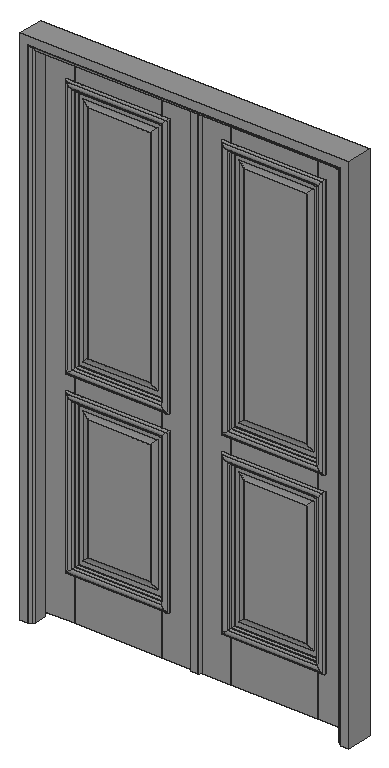
Revit family "I2PAN 610 HB", category Doors, host Wall, Revit 2013
Parameters (values of type "I2PAN 610 HB")
  Function = Interior
  Frame Projection Ext. = 25 mm
  Frame Projection Int. = 25 mm
  Frame Width = 75 mm
  Height = 2090 mm
  Wall Closure = By host
  Width = 1306 mm
Reference planes
  plane 1: y = 0
  plane 2 "Center (Left/Right)": x = 0
  plane 3 "Left": x = -653
  plane 4 "Right": x = 653
  plane 5: z = 2090
  plane 6 "Exterior": y = 75
  plane 7 "Interior": y = -75
Forms (mm)
  Sweep 1, solid, material "Lauan, Meranti"
    path origin (0, 75, 0) x (1, 0, 0) y (0, 0, 1)
      loop
        line (653, 0) -> (653, 2090) -> (-653, 2090) -> (-653, 0)
    profile "Van Acht 105x50 Door Frame Routed Profile (Heavy) : Van Acht 105x50 Door Frame Routed Profile (Heavy)" origin (653, 75, 1045) x (-1, 0, 0) y (0, -1, 0)
      loop
        line (0, 22.5) -> (38, 22.5) -> (38, 67.5) -> (50, 67.5) -> (50, 112.5)
        arc (50, 112.5) -> (44.957, 114.29) -> (42.17, 118.859) r 8
        line (42.17, 118.859) -> (39, 118.859)
        arc (39, 118.859) -> (35.311, 122.973) -> (30, 124.5) r 10
        line (30, 124.5) -> (30, 127.5) -> (0, 127.5) -> (0, 22.5)
  Extrusion 2, solid, material "Lauan, Meranti"
    sketch origin (0, 0, 0) x (1, 0, 0) y (0, 1, 0)
      loop
        line (-12, -2.5) -> (12, -2.5) -> (12, -0.5)
        arc (12, -0.5) -> (17.657, 1.843) -> (20, 7.5) r 8
        line (20, 7.5) -> (5, 7.5) -> (5, 39.5)
        spline (5, 39.5) -> (4.83, 42.088) -> (4.33, 44.5) -> (3.536, 46.571) -> (2.5, 48.16) -> (1.294, 49.159) -> (0, 49.5) -> (-1.294, 49.159) -> (-2.5, 48.16) -> (-3.536, 46.571) -> (-4.33, 44.5) -> (-4.83, 42.088) -> (-5, 39.5)
        line (-5, 39.5) -> (-5, 7.5) -> (-20, 7.5)
        arc (-20, 7.5) -> (-17.657, 1.843) -> (-12, -0.5) r 8
        line (-12, -0.5) -> (-12, -2.5)
    from 20 to 2040
  Extrusion 3, solid, material "Lauan, Meranti"
    sketch origin (0, 0, 1802) x (1, 0, 0) y (0, 1, 0)
      loop
        spline (5, 39.5) -> (4.83, 42.088) -> (4.33, 44.5) -> (3.536, 46.571) -> (2.5, 48.16) -> (1.294, 49.159) -> (0, 49.5) -> (-1.294, 49.159) -> (-2.5, 48.16) -> (-3.536, 46.571) -> (-4.33, 44.5) -> (-4.83, 42.088) -> (-5, 39.5)
        line (-5, 39.5) -> (-5, 7.5) -> (5, 7.5) -> (5, 39.5)
    from 238 to 250
  Extrusion 4, solid, material "Lauan, Meranti"
    sketch origin (-208.5, -85, 0) x (0, 1, 0) y (0, 0, 1)
      loop
        line (132.5, 20) -> (132.5, 221) -> (130.5, 221)
        arc (130.5, 221) -> (128.866, 225.67) -> (124.5, 228) r 6.807
        line (124.5, 228) -> (124.5, 230) -> (122.5, 230) -> (122.5, 215) -> (102.5, 215) -> (102.5, 230) -> (100.5, 230) -> (100.5, 228)
        arc (100.5, 228) -> (96.134, 225.67) -> (94.5, 221) r 6.807
        line (94.5, 221) -> (92.5, 221) -> (92.5, 20) -> (132.5, 20)
      loop
        line (132.5, 809) -> (132.5, 931) -> (130.5, 931)
        arc (130.5, 931) -> (128.866, 935.67) -> (124.5, 938) r 6.807
        line (124.5, 938) -> (124.5, 940) -> (122.5, 940) -> (122.5, 925) -> (102.5, 925) -> (102.5, 940) -> (100.5, 940) -> (100.5, 938)
        arc (100.5, 938) -> (96.134, 935.67) -> (94.5, 931) r 6.807
        line (94.5, 931) -> (92.5, 931) -> (92.5, 809) -> (94.5, 809)
        arc (94.5, 809) -> (96.134, 804.33) -> (100.5, 802) r 6.807
        line (100.5, 802) -> (100.5, 800) -> (102.5, 800) -> (102.5, 815) -> (122.5, 815) -> (122.5, 800) -> (124.5, 800) -> (124.5, 802)
        arc (124.5, 802) -> (128.866, 804.33) -> (130.5, 809) r 6.807
        line (130.5, 809) -> (132.5, 809)
      loop
        line (130.5, 1921) -> (132.5, 1921) -> (132.5, 2052) -> (92.5, 2052) -> (92.5, 1921) -> (94.5, 1921)
        arc (94.5, 1921) -> (96.134, 1916.33) -> (100.5, 1914) r 6.807
        line (100.5, 1914) -> (100.5, 1912) -> (102.5, 1912) -> (102.5, 1927) -> (122.5, 1927) -> (122.5, 1912) -> (124.5, 1912) -> (124.5, 1914)
        arc (124.5, 1914) -> (128.866, 1916.33) -> (130.5, 1921) r 6.807
    from -275.5 to 72.5
  Extrusion 5, solid, material "Lauan, Meranti"
    sketch origin (-208.5, 0, 0) x (1, 0, 0) y (0, 1, 0)
      loop
        line (-406.5, 47.5) -> (-406.5, 7.5) -> (-275.5, 7.5) -> (-275.5, 9.5)
        arc (-275.5, 9.5) -> (-270.765, 11.06) -> (-268.5, 15.5) r 6.549
        line (-268.5, 15.5) -> (-266.5, 15.5) -> (-266.5, 17.5) -> (-281.5, 17.5) -> (-281.5, 37.5) -> (-266.5, 37.5) -> (-266.5, 39.5) -> (-268.5, 39.5)
        arc (-268.5, 39.5) -> (-270.765, 43.94) -> (-275.5, 45.5) r 6.549
        line (-275.5, 45.5) -> (-275.5, 47.5) -> (-406.5, 47.5)
      loop
        line (203.5, 47.5) -> (72.5, 47.5) -> (72.5, 45.5)
        arc (72.5, 45.5) -> (67.765, 43.94) -> (65.5, 39.5) r 6.549
        line (65.5, 39.5) -> (63.5, 39.5) -> (63.5, 37.5) -> (78.5, 37.5) -> (78.5, 17.5) -> (63.5, 17.5) -> (63.5, 15.5) -> (65.5, 15.5)
        arc (65.5, 15.5) -> (67.765, 11.06) -> (72.5, 9.5) r 6.549
        line (72.5, 9.5) -> (72.5, 7.5) -> (203.5, 7.5) -> (203.5, 47.5)
    from 20 to 2052
  Sweep 6, solid, material "Lauan, Meranti"
    path origin (-208.5, 75, 0) x (1, 0, 0) y (0, 0, 1)
      loop
        line (72.5, 1921) -> (-275.5, 1921) -> (-275.5, 931) -> (72.5, 931) -> (72.5, 1921)
    profile origin (-310, 75, 1921) x (0, 0, -1) y (0, -1, 0)
      loop
        line (-4.5, 57.5) -> (-4.5, 37.5) -> (25.727, 37.5)
        arc (25.727, 37.5) -> (37.468, 35.847) -> (48.5, 31.5) r 50.456
        line (48.5, 31.5) -> (48.5, 63.5)
        arc (48.5, 63.5) -> (37.468, 59.153) -> (25.727, 57.5) r 50.456
        line (25.727, 57.5) -> (-4.5, 57.5)
  Sweep 7, solid, material "Lauan, Meranti"
    path origin (-208.5, 75, 0) x (1, 0, 0) y (0, 0, 1)
      loop
        line (72.5, 809) -> (-275.5, 809) -> (-275.5, 221) -> (72.5, 221) -> (72.5, 809)
    profile origin (-310, 75, 809) x (0, 0, -1) y (0, -1, 0)
      loop
        line (-4.5, 57.5) -> (-4.5, 37.5) -> (25.727, 37.5)
        arc (25.727, 37.5) -> (37.468, 35.847) -> (48.5, 31.5) r 50.456
        line (48.5, 31.5) -> (48.5, 63.5)
        arc (48.5, 63.5) -> (37.468, 59.153) -> (25.727, 57.5) r 50.456
        line (25.727, 57.5) -> (-4.5, 57.5)
  Extrusion 8, solid, material "Lauan, Meranti"
    sketch origin (-208.5, 75, 0) x (1, 0, 0) y (0, 0, 1)
      loop
        line (24, 760.5) -> (-227, 760.5) -> (-227, 269.5) -> (24, 269.5) -> (24, 760.5)
    from 31.5 to 63.5
  Extrusion 9, solid, material "Lauan, Meranti"
    sketch origin (-208.5, 75, 715) x (1, 0, 0) y (0, 0, 1)
      loop
        line (24, 1157.5) -> (-227, 1157.5) -> (-227, 264.5) -> (24, 264.5) -> (24, 1157.5)
    from 31.5 to 63.5
  Extrusion 10, solid, material "Lauan, Meranti"
    sketch origin (411.5, -85, 0) x (0, 1, 0) y (0, 0, 1)
      loop
        line (132.5, 20) -> (132.5, 221) -> (130.5, 221)
        arc (130.5, 221) -> (128.866, 225.67) -> (124.5, 228) r 6.807
        line (124.5, 228) -> (124.5, 230) -> (122.5, 230) -> (122.5, 215) -> (102.5, 215) -> (102.5, 230) -> (100.5, 230) -> (100.5, 228)
        arc (100.5, 228) -> (96.134, 225.67) -> (94.5, 221) r 6.807
        line (94.5, 221) -> (92.5, 221) -> (92.5, 20) -> (132.5, 20)
      loop
        line (132.5, 809) -> (132.5, 931) -> (130.5, 931)
        arc (130.5, 931) -> (128.866, 935.67) -> (124.5, 938) r 6.807
        line (124.5, 938) -> (124.5, 940) -> (122.5, 940) -> (122.5, 925) -> (102.5, 925) -> (102.5, 940) -> (100.5, 940) -> (100.5, 938)
        arc (100.5, 938) -> (96.134, 935.67) -> (94.5, 931) r 6.807
        line (94.5, 931) -> (92.5, 931) -> (92.5, 809) -> (94.5, 809)
        arc (94.5, 809) -> (96.134, 804.33) -> (100.5, 802) r 6.807
        line (100.5, 802) -> (100.5, 800) -> (102.5, 800) -> (102.5, 815) -> (122.5, 815) -> (122.5, 800) -> (124.5, 800) -> (124.5, 802)
        arc (124.5, 802) -> (128.866, 804.33) -> (130.5, 809) r 6.807
        line (130.5, 809) -> (132.5, 809)
      loop
        line (130.5, 1921) -> (132.5, 1921) -> (132.5, 2052) -> (92.5, 2052) -> (92.5, 1921) -> (94.5, 1921)
        arc (94.5, 1921) -> (96.134, 1916.33) -> (100.5, 1914) r 6.807
        line (100.5, 1914) -> (100.5, 1912) -> (102.5, 1912) -> (102.5, 1927) -> (122.5, 1927) -> (122.5, 1912) -> (124.5, 1912) -> (124.5, 1914)
        arc (124.5, 1914) -> (128.866, 1916.33) -> (130.5, 1921) r 6.807
    from -275.5 to 72.5
  Extrusion 11, solid, material "Lauan, Meranti"
    sketch origin (411.5, 0, 0) x (1, 0, 0) y (0, 1, 0)
      loop
        line (-406.5, 47.5) -> (-406.5, 7.5) -> (-275.5, 7.5) -> (-275.5, 9.5)
        arc (-275.5, 9.5) -> (-270.765, 11.06) -> (-268.5, 15.5) r 6.549
        line (-268.5, 15.5) -> (-266.5, 15.5) -> (-266.5, 17.5) -> (-281.5, 17.5) -> (-281.5, 37.5) -> (-266.5, 37.5) -> (-266.5, 39.5) -> (-268.5, 39.5)
        arc (-268.5, 39.5) -> (-270.765, 43.94) -> (-275.5, 45.5) r 6.549
        line (-275.5, 45.5) -> (-275.5, 47.5) -> (-406.5, 47.5)
      loop
        line (203.5, 47.5) -> (72.5, 47.5) -> (72.5, 45.5)
        arc (72.5, 45.5) -> (67.765, 43.94) -> (65.5, 39.5) r 6.549
        line (65.5, 39.5) -> (63.5, 39.5) -> (63.5, 37.5) -> (78.5, 37.5) -> (78.5, 17.5) -> (63.5, 17.5) -> (63.5, 15.5) -> (65.5, 15.5)
        arc (65.5, 15.5) -> (67.765, 11.06) -> (72.5, 9.5) r 6.549
        line (72.5, 9.5) -> (72.5, 7.5) -> (203.5, 7.5) -> (203.5, 47.5)
    from 20 to 2052
  Sweep 12, solid, material "Lauan, Meranti"
    path origin (411.5, 75, 0) x (1, 0, 0) y (0, 0, 1)
      loop
        line (72.5, 1921) -> (-275.5, 1921) -> (-275.5, 931) -> (72.5, 931) -> (72.5, 1921)
    profile origin (310, 75, 1921) x (0, 0, -1) y (0, -1, 0)
      loop
        line (-4.5, 57.5) -> (-4.5, 37.5) -> (25.727, 37.5)
        arc (25.727, 37.5) -> (37.468, 35.847) -> (48.5, 31.5) r 50.456
        line (48.5, 31.5) -> (48.5, 63.5)
        arc (48.5, 63.5) -> (37.468, 59.153) -> (25.727, 57.5) r 50.456
        line (25.727, 57.5) -> (-4.5, 57.5)
  Sweep 13, solid, material "Lauan, Meranti"
    path origin (411.5, 75, 0) x (1, 0, 0) y (0, 0, 1)
      loop
        line (72.5, 809) -> (-275.5, 809) -> (-275.5, 221) -> (72.5, 221) -> (72.5, 809)
    profile origin (310, 75, 809) x (0, 0, -1) y (0, -1, 0)
      loop
        line (-4.5, 57.5) -> (-4.5, 37.5) -> (25.727, 37.5)
        arc (25.727, 37.5) -> (37.468, 35.847) -> (48.5, 31.5) r 50.456
        line (48.5, 31.5) -> (48.5, 63.5)
        arc (48.5, 63.5) -> (37.468, 59.153) -> (25.727, 57.5) r 50.456
        line (25.727, 57.5) -> (-4.5, 57.5)
  Extrusion 14, solid, material "Lauan, Meranti"
    sketch origin (411.5, 75, 0) x (1, 0, 0) y (0, 0, 1)
      loop
        line (24, 760.5) -> (-227, 760.5) -> (-227, 269.5) -> (24, 269.5) -> (24, 760.5)
    from 31.5 to 63.5
  Extrusion 15, solid, material "Lauan, Meranti"
    sketch origin (411.5, 75, 715) x (1, 0, 0) y (0, 0, 1)
      loop
        line (24, 1157.5) -> (-227, 1157.5) -> (-227, 264.5) -> (24, 264.5) -> (24, 1157.5)
    from 31.5 to 63.5
  Sweep 16, solid, material "Lauan, Meranti"
    path origin (228.614, 75, -16.587) x (1, 0, 0) y (0, 0, 1)
      loop
        line (255.386, 1937.587) -> (-92.614, 1937.587) -> (-92.614, 947.587) -> (255.386, 947.587) -> (255.386, 1937.587)
    profile origin (310, 75, 1921) x (0, 0, -1) y (0, -1, 0)
      loop
        arc (-31, 24) -> (-29.096, 19.404) -> (-24.5, 17.5) r 6.5
        arc (-24.5, 17.5) -> (-15.5, 13.5) -> (-6.5, 17.5) r 12.125
        arc (-6.5, 17.5) -> (-1.904, 19.404) -> (0, 24) r 6.5
        line (0, 24) -> (0, 27.5) -> (-31, 27.5) -> (-31, 24)
  Sweep 17, solid, material "Lauan, Meranti"
    path origin (228.614, 75, -1308.499) x (1, 0, 0) y (0, 0, 1)
      loop
        line (255.386, 2117.499) -> (-92.614, 2117.499) -> (-92.614, 1529.499) -> (255.386, 1529.499) -> (255.386, 2117.499)
    profile origin (310, 75, 809) x (0, 0, -1) y (0, -1, 0)
      loop
        arc (-31, 24) -> (-29.096, 19.404) -> (-24.5, 17.5) r 6.5
        arc (-24.5, 17.5) -> (-15.5, 13.5) -> (-6.5, 17.5) r 12.125
        arc (-6.5, 17.5) -> (-1.904, 19.404) -> (0, 24) r 6.5
        line (0, 24) -> (0, 27.5) -> (-31, 27.5) -> (-31, 24)
  Sweep 18, solid, material "Lauan, Meranti"
    path origin (-391.386, 75, -16.587) x (1, 0, 0) y (0, 0, 1)
      loop
        line (255.386, 1937.587) -> (-92.614, 1937.587) -> (-92.614, 947.587) -> (255.386, 947.587) -> (255.386, 1937.587)
    profile origin (-310, 75, 1921) x (0, 0, -1) y (0, -1, 0)
      loop
        arc (-31, 24) -> (-29.096, 19.404) -> (-24.5, 17.5) r 6.5
        arc (-24.5, 17.5) -> (-15.5, 13.5) -> (-6.5, 17.5) r 12.125
        arc (-6.5, 17.5) -> (-1.904, 19.404) -> (0, 24) r 6.5
        line (0, 24) -> (0, 27.5) -> (-31, 27.5) -> (-31, 24)
  Sweep 19, solid, material "Lauan, Meranti"
    path origin (-391.386, 75, -1308.499) x (1, 0, 0) y (0, 0, 1)
      loop
        line (255.386, 2117.499) -> (-92.614, 2117.499) -> (-92.614, 1529.499) -> (255.386, 1529.499) -> (255.386, 2117.499)
    profile origin (-310, 75, 809) x (0, 0, -1) y (0, -1, 0)
      loop
        arc (-31, 24) -> (-29.096, 19.404) -> (-24.5, 17.5) r 6.5
        arc (-24.5, 17.5) -> (-15.5, 13.5) -> (-6.5, 17.5) r 12.125
        arc (-6.5, 17.5) -> (-1.904, 19.404) -> (0, 24) r 6.5
        line (0, 24) -> (0, 27.5) -> (-31, 27.5) -> (-31, 24)
  Sweep 20, solid, material "Lauan, Meranti"
    path origin (228.614, -18, -16.587) x (1, 0, 0) y (0, 0, -1)
      loop
        line (255.386, -1937.587) -> (255.386, -947.587) -> (-92.614, -947.587) -> (-92.614, -1937.587) -> (255.386, -1937.587)
    profile origin (310, -18, 1921) x (0, 0, 1) y (0, 1, 0)
      loop
        line (31, 24) -> (31, 27.5) -> (0, 27.5) -> (0, 24)
        arc (0, 24) -> (1.904, 19.404) -> (6.5, 17.5) r 6.5
        arc (6.5, 17.5) -> (15.5, 13.5) -> (24.5, 17.5) r 12.125
        arc (24.5, 17.5) -> (29.096, 19.404) -> (31, 24) r 6.5
  Sweep 21, solid, material "Lauan, Meranti"
    path origin (228.614, -18, -1308.499) x (1, 0, 0) y (0, 0, -1)
      loop
        line (255.386, -2117.499) -> (255.386, -1529.499) -> (-92.614, -1529.499) -> (-92.614, -2117.499) -> (255.386, -2117.499)
    profile origin (310, -18, 809) x (0, 0, 1) y (0, 1, 0)
      loop
        line (31, 24) -> (31, 27.5) -> (0, 27.5) -> (0, 24)
        arc (0, 24) -> (1.904, 19.404) -> (6.5, 17.5) r 6.5
        arc (6.5, 17.5) -> (15.5, 13.5) -> (24.5, 17.5) r 12.125
        arc (24.5, 17.5) -> (29.096, 19.404) -> (31, 24) r 6.5
  Sweep 22, solid, material "Lauan, Meranti"
    path origin (-391.386, -18, -16.587) x (1, 0, 0) y (0, 0, -1)
      loop
        line (255.386, -1937.587) -> (255.386, -947.587) -> (-92.614, -947.587) -> (-92.614, -1937.587) -> (255.386, -1937.587)
    profile origin (-310, -18, 1921) x (0, 0, 1) y (0, 1, 0)
      loop
        line (31, 24) -> (31, 27.5) -> (0, 27.5) -> (0, 24)
        arc (0, 24) -> (1.904, 19.404) -> (6.5, 17.5) r 6.5
        arc (6.5, 17.5) -> (15.5, 13.5) -> (24.5, 17.5) r 12.125
        arc (24.5, 17.5) -> (29.096, 19.404) -> (31, 24) r 6.5
  Sweep 23, solid, material "Lauan, Meranti"
    path origin (-391.386, -18, -1308.499) x (1, 0, 0) y (0, 0, -1)
      loop
        line (255.386, -2117.499) -> (255.386, -1529.499) -> (-92.614, -1529.499) -> (-92.614, -2117.499) -> (255.386, -2117.499)
    profile origin (-310, -18, 809) x (0, 0, 1) y (0, 1, 0)
      loop
        line (31, 24) -> (31, 27.5) -> (0, 27.5) -> (0, 24)
        arc (0, 24) -> (1.904, 19.404) -> (6.5, 17.5) r 6.5
        arc (6.5, 17.5) -> (15.5, 13.5) -> (24.5, 17.5) r 12.125
        arc (24.5, 17.5) -> (29.096, 19.404) -> (31, 24) r 6.5
Cuts and joins
  joined: Extrusion 2, Extrusion 3
Lines and regions (mm)
  Opening 1
    outline origin (-3050, -75, 0) x (1, 0, 0) y (0, 0, 1)
      loop
        line (2397, 0) -> (3703, 0) -> (3703, 2090) -> (2397, 2090) -> (2397, 0)
  symbolic lines, style "Elevation Swing"
    curve 1: line (0, -75, 1045) -> (-653, -75, 2090)
    curve 2: line (0, -75, 1045) -> (-653, -75, 0)
    curve 3: line (0, -75, 1045) -> (653, -75, 2090)
    curve 4: line (0, -75, 1045) -> (653, -75, 0)
  model lines
    curve 5: line (615, 52.5, 0) -> (615, 662.5, 0)
    curve 6: line (-615, 47.5, 0) -> (-615, 657.5, 0)
    curve 7: arc (-615, 657.5, 0) -> (-183.665, 478.835, 0) -> (-5, 47.5, 0) r 610
    curve 8: arc (615, 657.5, 0) -> (183.665, 478.835, 0) -> (5, 47.5, 0) r 610
Text (mm)
  text "Exterior" at (-2295.016, 1099.543, 0), in view "Ref. Level"
  text "Exterior" at (0, 1615.38, 3698.081), in view "Left"
  text "Exterior" at (0, 1036.032, 3874.932), in view "Right"
Dimensions and locks
  equal spacing: plane 3 "Left", plane 2 "Center (Left/Right)", plane 4 "Right"
  "Width": plane 3 "Left" to plane 4 "Right"
  "Height": plane 5 to host wall
  equal spacing: host wall, curve 2, plane 5
  host wall to plane 5 = 2090 mm
  locked: plane 6 "Exterior" to host wall at 0
  locked: plane 7 "Interior" to host wall
  plane 3 "Left" to plane 4 "Right" = 1306 mm  (x2)
  aligned and locked: plane 3 "Left" to Opening 1 sketch curve
  aligned and locked: plane 5 to Opening 1 sketch curve  (x2)
  aligned and locked: Opening 1 sketch curve to plane 4 "Right"
  aligned and locked: Opening 1 sketch curve to level
  aligned and locked: plane 5 to curve 1
  aligned and locked: plane 3 "Left" to curve 2
  aligned and locked: plane 1 to host wall
  aligned and locked: plane 3 "Left" to curve 1
Automatic sketch dimensions
  curve 2 to plane 2 "Center (Left/Right)" = 0 mm
  curve 2 to level = 0 mm
  plane 3 "Left" to Sweep 1 sketch curve = 0 mm
  plane 4 "Right" to Sweep 1 sketch curve = 0 mm
  Sweep 1 sketch curve to plane 5 = 0 mm
  Sweep 1 sketch curve to level = 0 mm  (x2)
  curve 4 to plane 2 "Center (Left/Right)" = 0 mm
  level to curve 4 = 1045 mm
  curve 4 to level = 0 mm
  plane 4 "Right" to curve 4 = 0 mm
  plane 4 "Right" to curve 3 = 0 mm
  curve 3 to plane 5 = 0 mm
  curve 6 to plane 3 "Left" = 38 mm
  host wall to curve 6 = 582.5 mm
  curve 7 to plane 2 "Center (Left/Right)" = 5 mm
  plane 2 "Center (Left/Right)" to curve 8 = 5 mm
  plane 4 "Right" to curve 8 = 38 mm
  curve 6 to curve 7 = 0 mm
  curve 8 to host wall = 27.5 mm
  curve 8 to curve 5 = 5 mm  (x2)
  Extrusion 2 sketch curve to host wall = 7.5 mm
  Extrusion 2 sketch curve to plane 2 "Center (Left/Right)" = 20 mm
  host wall to Extrusion 2 sketch curve = 2.5 mm
  Extrusion 2 sketch curve to plane 2 "Center (Left/Right)" = 0 mm
  host wall to Extrusion 2 sketch curve = 0.5 mm  (x2)
  Extrusion 2 sketch curve to Extrusion 2 sketch curve = 5 mm
  plane 2 "Center (Left/Right)" to Extrusion 2 sketch curve = 12 mm
  Extrusion 2 sketch curve to Extrusion 2 sketch curve = 8 mm
  Extrusion 2 sketch curve to Extrusion 2 sketch curve = 32 mm
  Extrusion 3 sketch curve to plane 2 "Center (Left/Right)" = 5 mm
  Extrusion 3 sketch curve to host wall = 7.5 mm
  Extrusion 3 sketch curve to plane 2 "Center (Left/Right)" = 0 mm
  Extrusion 3 sketch curve to Extrusion 3 sketch curve = 32 mm
  Extrusion 4 sketch curve to host wall = 7.5 mm  (x3)
  level to Extrusion 4 sketch curve = 20 mm
  Extrusion 4 sketch curve to Extrusion 4 sketch curve = 2 mm  (x22)
  Extrusion 4 sketch curve to Extrusion 4 sketch curve = 6 mm  (x12)
  Extrusion 4 sketch curve to Extrusion 4 sketch curve = 20 mm  (x4)
  Extrusion 4 sketch curve to host wall = 27.5 mm
  Extrusion 4 sketch curve to Extrusion 4 sketch curve = 1.197 mm  (x8)
  Extrusion 4 sketch curve to Extrusion 4 sketch curve = 195 mm
  Extrusion 4 sketch curve to Extrusion 4 sketch curve = 7 mm  (x8)
  Extrusion 4 sketch curve to Extrusion 4 sketch curve = 570 mm
  Extrusion 4 sketch curve to Extrusion 4 sketch curve = 0 mm  (x2)
  Extrusion 4 sketch curve to Extrusion 4 sketch curve = 6.241 mm  (x2)
  Extrusion 4 sketch curve to Extrusion 4 sketch curve = 110 mm
  plane 5 to Extrusion 4 sketch curve = 178 mm
  plane 5 to Extrusion 4 sketch curve = 38 mm
  Extrusion 5 sketch curve to host wall = 7.5 mm  (x2)
  Extrusion 5 sketch curve to plane 3 "Left" = 38 mm
  Extrusion 5 sketch curve to host wall = 37.5 mm  (x2)
  Extrusion 5 sketch curve to Extrusion 5 sketch curve = 125 mm
  Extrusion 5 sketch curve to Extrusion 5 sketch curve = 6 mm  (x7)
  Extrusion 5 sketch curve to Extrusion 5 sketch curve = 7 mm  (x4)
  Extrusion 5 sketch curve to Extrusion 5 sketch curve = 2 mm  (x11)
  Extrusion 5 sketch curve to plane 2 "Center (Left/Right)" = 145 mm
  Extrusion 5 sketch curve to Extrusion 5 sketch curve = 0 mm
  Extrusion 5 sketch curve to plane 2 "Center (Left/Right)" = 5 mm
  Extrusion 5 sketch curve to Extrusion 5 sketch curve = 0.473 mm  (x2)
  Extrusion 5 sketch curve to Extrusion 5 sketch curve = 6.527 mm  (x2)
  Extrusion 5 sketch curve to Extrusion 5 sketch curve = 1.468 mm
  Sweep 6 sketch curve to plane 3 "Left" = 169 mm
  Sweep 6 sketch curve to plane 2 "Center (Left/Right)" = 136 mm
  level to Sweep 6 sketch curve = 931 mm
  plane 5 to Sweep 6 sketch curve = 169 mm
  profile plane to Sweep 6 sketch curve = 4.5 mm
  profile plane to Sweep 6 sketch curve = 31.5 mm
  Sweep 6 sketch curve to profile plane = 25.727 mm
  Sweep 6 sketch curve to Sweep 6 sketch curve = 0 mm
  Sweep 6 sketch curve to Sweep 6 sketch curve = 22.773 mm
  Sweep 6 sketch curve to profile plane = 24.613 mm  (x2)
  Sweep 6 sketch curve to Sweep 6 sketch curve = 6 mm  (x2)
  Sweep 6 sketch curve to Sweep 6 sketch curve = 20 mm
  Sweep 7 sketch curve to plane 3 "Left" = 169 mm
  level to Sweep 7 sketch curve = 221 mm
  Sweep 7 sketch curve to plane 2 "Center (Left/Right)" = 136 mm
  Sweep 7 sketch curve to Sweep 7 sketch curve = 588 mm
  profile plane to Sweep 7 sketch curve = 4.5 mm
  profile plane to Sweep 7 sketch curve = 31.5 mm
  Sweep 7 sketch curve to profile plane = 25.727 mm
  Sweep 7 sketch curve to Sweep 7 sketch curve = 0 mm
  Sweep 7 sketch curve to Sweep 7 sketch curve = 22.773 mm
  Sweep 7 sketch curve to profile plane = 24.613 mm  (x2)
  profile plane to Sweep 7 sketch curve = 37.5 mm
  Sweep 7 sketch curve to Sweep 7 sketch curve = 20 mm
  Sweep 7 sketch curve to Sweep 7 sketch curve = 6 mm
  Extrusion 8 sketch curve to plane 3 "Left" = 217.5 mm
  level to Extrusion 8 sketch curve = 269.5 mm
  Extrusion 8 sketch curve to plane 2 "Center (Left/Right)" = 184.5 mm
  Extrusion 8 sketch curve to Extrusion 8 sketch curve = 491 mm
  Extrusion 9 sketch curve to plane 3 "Left" = 217.5 mm
  Extrusion 9 sketch curve to plane 2 "Center (Left/Right)" = 184.5 mm
  level to Extrusion 9 sketch curve = 979.5 mm
  plane 5 to Extrusion 9 sketch curve = 217.5 mm
  Extrusion 10 sketch curve to host wall = 7.5 mm  (x3)
  level to Extrusion 10 sketch curve = 20 mm
  Extrusion 10 sketch curve to Extrusion 10 sketch curve = 2 mm  (x22)
  Extrusion 10 sketch curve to Extrusion 10 sketch curve = 6 mm  (x12)
  Extrusion 10 sketch curve to Extrusion 10 sketch curve = 20 mm  (x4)
  Extrusion 10 sketch curve to host wall = 27.5 mm
  Extrusion 10 sketch curve to Extrusion 10 sketch curve = 1.197 mm  (x8)
  Extrusion 10 sketch curve to Extrusion 10 sketch curve = 195 mm
  Extrusion 10 sketch curve to Extrusion 10 sketch curve = 7 mm  (x8)
  Extrusion 10 sketch curve to Extrusion 10 sketch curve = 570 mm
  Extrusion 10 sketch curve to Extrusion 10 sketch curve = 0 mm  (x2)
  Extrusion 10 sketch curve to Extrusion 10 sketch curve = 6.241 mm  (x2)
  Extrusion 10 sketch curve to Extrusion 10 sketch curve = 110 mm
  plane 5 to Extrusion 10 sketch curve = 178 mm
  plane 5 to Extrusion 10 sketch curve = 38 mm
  plane 2 "Center (Left/Right)" to Extrusion 11 sketch curve = 5 mm
  Extrusion 11 sketch curve to host wall = 7.5 mm  (x2)
  Extrusion 11 sketch curve to host wall = 37.5 mm  (x2)
  Extrusion 11 sketch curve to Extrusion 11 sketch curve = 125 mm
  Extrusion 11 sketch curve to Extrusion 11 sketch curve = 6 mm  (x7)
  Extrusion 11 sketch curve to Extrusion 11 sketch curve = 7 mm  (x4)
  Extrusion 11 sketch curve to Extrusion 11 sketch curve = 2 mm  (x11)
  plane 4 "Right" to Extrusion 11 sketch curve = 178 mm
  Extrusion 11 sketch curve to Extrusion 11 sketch curve = 0 mm
  plane 4 "Right" to Extrusion 11 sketch curve = 38 mm
  Extrusion 11 sketch curve to Extrusion 11 sketch curve = 0.473 mm  (x2)
  Extrusion 11 sketch curve to Extrusion 11 sketch curve = 6.527 mm  (x2)
  Extrusion 11 sketch curve to Extrusion 11 sketch curve = 1.468 mm
  plane 2 "Center (Left/Right)" to Sweep 12 sketch curve = 136 mm
  plane 4 "Right" to Sweep 12 sketch curve = 169 mm
  level to Sweep 12 sketch curve = 931 mm
  plane 5 to Sweep 12 sketch curve = 169 mm
  profile plane to Sweep 12 sketch curve = 4.5 mm
  profile plane to Sweep 12 sketch curve = 31.5 mm
  Sweep 12 sketch curve to profile plane = 25.727 mm
  Sweep 12 sketch curve to Sweep 12 sketch curve = 0 mm
  Sweep 12 sketch curve to Sweep 12 sketch curve = 22.773 mm
  Sweep 12 sketch curve to profile plane = 24.613 mm  (x2)
  Sweep 12 sketch curve to Sweep 12 sketch curve = 6 mm  (x2)
  Sweep 12 sketch curve to Sweep 12 sketch curve = 20 mm
  plane 2 "Center (Left/Right)" to Sweep 13 sketch curve = 136 mm
  level to Sweep 13 sketch curve = 221 mm
  plane 4 "Right" to Sweep 13 sketch curve = 169 mm
  Sweep 13 sketch curve to Sweep 13 sketch curve = 588 mm
  profile plane to Sweep 13 sketch curve = 4.5 mm
  profile plane to Sweep 13 sketch curve = 31.5 mm
  Sweep 13 sketch curve to profile plane = 25.727 mm
  Sweep 13 sketch curve to Sweep 13 sketch curve = 0 mm
  Sweep 13 sketch curve to Sweep 13 sketch curve = 22.773 mm
  Sweep 13 sketch curve to profile plane = 24.613 mm  (x2)
  profile plane to Sweep 13 sketch curve = 37.5 mm
  Sweep 13 sketch curve to Sweep 13 sketch curve = 20 mm
  Sweep 13 sketch curve to Sweep 13 sketch curve = 6 mm
  plane 2 "Center (Left/Right)" to Extrusion 14 sketch curve = 184.5 mm
  level to Extrusion 14 sketch curve = 269.5 mm
  plane 4 "Right" to Extrusion 14 sketch curve = 217.5 mm
  Extrusion 14 sketch curve to Extrusion 14 sketch curve = 491 mm
  plane 2 "Center (Left/Right)" to Extrusion 15 sketch curve = 184.5 mm
  plane 4 "Right" to Extrusion 15 sketch curve = 217.5 mm
  level to Extrusion 15 sketch curve = 979.5 mm
  plane 5 to Extrusion 15 sketch curve = 217.5 mm
  plane 2 "Center (Left/Right)" to Sweep 16 sketch curve = 136 mm
  plane 4 "Right" to Sweep 16 sketch curve = 169 mm
  level to Sweep 16 sketch curve = 931 mm
  plane 5 to Sweep 16 sketch curve = 169 mm
  Sweep 16 sketch curve to profile plane = 0 mm
  profile plane to Sweep 16 sketch curve = 24 mm
  profile plane to Sweep 16 sketch curve = 31 mm
  Sweep 16 sketch curve to Sweep 16 sketch curve = 6.5 mm
  Sweep 16 sketch curve to Sweep 16 sketch curve = 9 mm
  profile plane to Sweep 16 sketch curve = 6.5 mm
  Sweep 16 sketch curve to Sweep 16 sketch curve = 3.5 mm
  Sweep 16 sketch curve to Sweep 16 sketch curve = 1.625 mm
  plane 2 "Center (Left/Right)" to Sweep 17 sketch curve = 136 mm
  level to Sweep 17 sketch curve = 221 mm
  plane 4 "Right" to Sweep 17 sketch curve = 169 mm
  Sweep 17 sketch curve to Sweep 17 sketch curve = 588 mm
  Sweep 17 sketch curve to profile plane = 0 mm
  profile plane to Sweep 17 sketch curve = 24 mm
  profile plane to Sweep 17 sketch curve = 31 mm
  Sweep 17 sketch curve to Sweep 17 sketch curve = 6.5 mm
  Sweep 17 sketch curve to Sweep 17 sketch curve = 9 mm
  profile plane to Sweep 17 sketch curve = 6.5 mm
  Sweep 17 sketch curve to Sweep 17 sketch curve = 3.5 mm
  Sweep 17 sketch curve to Sweep 17 sketch curve = 1.625 mm
  Sweep 18 sketch curve to plane 3 "Left" = 169 mm
  Sweep 18 sketch curve to plane 2 "Center (Left/Right)" = 136 mm
  level to Sweep 18 sketch curve = 931 mm
  plane 5 to Sweep 18 sketch curve = 169 mm
  Sweep 18 sketch curve to profile plane = 0 mm
  profile plane to Sweep 18 sketch curve = 24 mm
  profile plane to Sweep 18 sketch curve = 31 mm
  Sweep 18 sketch curve to Sweep 18 sketch curve = 6.5 mm
  Sweep 18 sketch curve to Sweep 18 sketch curve = 9 mm
  profile plane to Sweep 18 sketch curve = 6.5 mm
  Sweep 18 sketch curve to Sweep 18 sketch curve = 3.5 mm
  Sweep 18 sketch curve to Sweep 18 sketch curve = 1.625 mm
  Sweep 19 sketch curve to plane 3 "Left" = 169 mm
  level to Sweep 19 sketch curve = 221 mm
  Sweep 19 sketch curve to plane 2 "Center (Left/Right)" = 136 mm
  Sweep 19 sketch curve to Sweep 19 sketch curve = 588 mm
  Sweep 19 sketch curve to profile plane = 0 mm
  profile plane to Sweep 19 sketch curve = 24 mm
  profile plane to Sweep 19 sketch curve = 31 mm
  Sweep 19 sketch curve to Sweep 19 sketch curve = 6.5 mm
  Sweep 19 sketch curve to Sweep 19 sketch curve = 9 mm
  profile plane to Sweep 19 sketch curve = 6.5 mm
  Sweep 19 sketch curve to Sweep 19 sketch curve = 3.5 mm
  Sweep 19 sketch curve to Sweep 19 sketch curve = 1.625 mm
  plane 2 "Center (Left/Right)" to Sweep 20 sketch curve = 136 mm
  plane 5 to Sweep 20 sketch curve = 169 mm
  plane 4 "Right" to Sweep 20 sketch curve = 169 mm
  level to Sweep 20 sketch curve = 931 mm
  profile plane to Sweep 20 sketch curve = 0 mm
  profile plane to Sweep 20 sketch curve = 24 mm
  Sweep 20 sketch curve to profile plane = 31 mm
  Sweep 20 sketch curve to profile plane = 6.5 mm
  Sweep 20 sketch curve to Sweep 20 sketch curve = 9 mm
  Sweep 20 sketch curve to Sweep 20 sketch curve = 6.5 mm
  Sweep 20 sketch curve to Sweep 20 sketch curve = 3.5 mm
  Sweep 20 sketch curve to Sweep 20 sketch curve = 1.625 mm
  plane 2 "Center (Left/Right)" to Sweep 21 sketch curve = 136 mm
  level to Sweep 21 sketch curve = 809 mm
  plane 4 "Right" to Sweep 21 sketch curve = 169 mm
  level to Sweep 21 sketch curve = 221 mm
  profile plane to Sweep 21 sketch curve = 0 mm
  profile plane to Sweep 21 sketch curve = 24 mm
  Sweep 21 sketch curve to profile plane = 31 mm
  Sweep 21 sketch curve to profile plane = 6.5 mm
  Sweep 21 sketch curve to Sweep 21 sketch curve = 9 mm
  Sweep 21 sketch curve to Sweep 21 sketch curve = 6.5 mm
  Sweep 21 sketch curve to Sweep 21 sketch curve = 3.5 mm
  Sweep 21 sketch curve to Sweep 21 sketch curve = 1.625 mm
  Sweep 22 sketch curve to plane 3 "Left" = 169 mm
  plane 5 to Sweep 22 sketch curve = 169 mm
  Sweep 22 sketch curve to plane 2 "Center (Left/Right)" = 136 mm
  level to Sweep 22 sketch curve = 931 mm
  profile plane to Sweep 22 sketch curve = 0 mm
  profile plane to Sweep 22 sketch curve = 24 mm
  Sweep 22 sketch curve to profile plane = 31 mm
  Sweep 22 sketch curve to profile plane = 6.5 mm
  Sweep 22 sketch curve to Sweep 22 sketch curve = 9 mm
  Sweep 22 sketch curve to Sweep 22 sketch curve = 6.5 mm
  Sweep 22 sketch curve to Sweep 22 sketch curve = 3.5 mm
  Sweep 22 sketch curve to Sweep 22 sketch curve = 1.625 mm
  Sweep 23 sketch curve to plane 3 "Left" = 169 mm
  level to Sweep 23 sketch curve = 809 mm
  Sweep 23 sketch curve to plane 2 "Center (Left/Right)" = 136 mm
  level to Sweep 23 sketch curve = 221 mm
  profile plane to Sweep 23 sketch curve = 0 mm
  profile plane to Sweep 23 sketch curve = 24 mm
  Sweep 23 sketch curve to Sweep 23 sketch curve = 31 mm
  Sweep 23 sketch curve to profile plane = 6.5 mm
  Sweep 23 sketch curve to Sweep 23 sketch curve = 9 mm
  Sweep 23 sketch curve to Sweep 23 sketch curve = 6.5 mm
  Sweep 23 sketch curve to Sweep 23 sketch curve = 3.5 mm
  Sweep 23 sketch curve to Sweep 23 sketch curve = 1.625 mm
